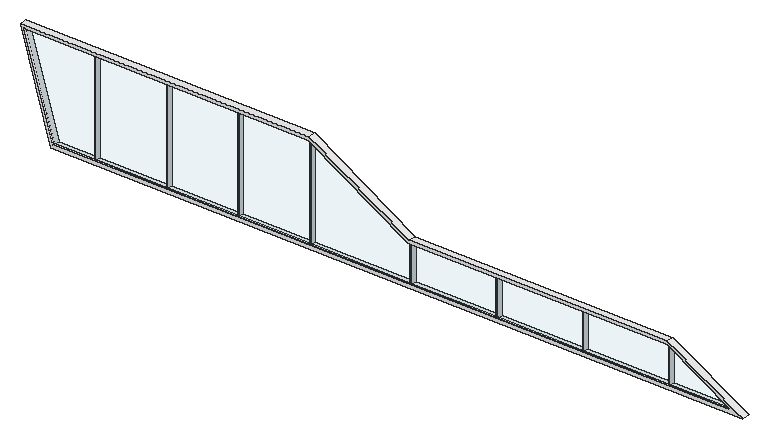
Revit family
Parameters (values of type "표준")
  Height = 2100 mm
  유리 = 유리
  프레임 = 1층 정면창 프레임
  하단 높이 = 900 mm
  프레임 폭 = 30 mm
  창프레임 = ""
  창철물 = ""
  창유리/마감 = ""
  창위치/개소 = ""
  창부호 = "1/ACW"
  창번호 = "1"
  창기호 = "ACW"
  Assembly Code = ""
  Wall Closure = (empty or 0)
Reference planes
  plane 1: y = 0
  plane 2 "중심(왼쪽/오른쪽)": x = 0
  plane 3 "씰": z = 0
  plane 4 "헤드": z = 2100
  plane 5 "외부": y = 150
  plane 6 "내부": y = -150
  plane 7: z = 0
  plane 8: x = -7298.895
  plane 9: z = 900
  plane 10: y = -115
  plane 11: y = -140
  plane 12: x = 2646.105
  plane 13: x = 2616.105
  plane 14: x = 846.105
  plane 15: x = 816.105
  plane 16: x = -5783.895
  plane 17: x = -5753.895
  plane 18: x = 7806.135
  plane 19: x = -5768.895
  plane 20: y = -170
  plane 21: y = -25
  plane 22: y = -20
  plane 23: x = 4431.105
  plane 24: x = 2631.105
  plane 25: x = 831.105
  plane 26: x = -4268.895
  plane 27: x = 8106.135
  plane 28: z = 2400
  plane 29: z = -300
  plane 30: x = -8623.895
  plane 31: x = 6231.105
  plane 32: x = -1268.895
  plane 33: x = -2768.895
Forms (mm)
  Extrusion 1, solid, material "1층 정면창 프레임" <- "프레임"
    sketch origin (-5000, -150, -200) x (1, 0, 0) y (0, 0, 1)
      loop
        line (-2298.895, 2300) -> (-1668.462, 200) -> (12806.135, 200) -> (11231.105, 1100) -> (5831.105, 1100) -> (3731.105, 2300) -> (-2298.895, 2300)
      loop
        line (-2218.237, 2240) -> (-1623.829, 260) -> (12580.198, 260) -> (11215.172, 1040) -> (5815.171, 1040) -> (3715.171, 2240) -> (-2218.237, 2240)
    from 20 to -130
  Extrusion 2, solid, material "1층 정면창 프레임" <- "프레임"
    sketch origin (0, 0, -200) x (1, 0, 0) y (0, 1, 0)
      loop
        line (-5753.895, -115) -> (-5753.895, -25) -> (-5783.895, -25) -> (-5783.895, -115) -> (-5753.895, -115)
    from 260 to 2240
  Extrusion 3, solid, material "1층 정면창 프레임" <- "프레임"
    sketch origin (2426.395, 0, -200) x (1, 0, 0) y (0, 1, 0)
      loop
        line (-6710.29, -115) -> (-6680.29, -115) -> (-6680.29, -25) -> (-6710.29, -25) -> (-6710.29, -115)
    from 260 to 2240
  Extrusion 4, solid, material "1층 정면창 프레임" <- "프레임"
    sketch origin (3619.332, 0, -200) x (1, 0, 0) y (0, 1, 0)
      loop
        line (-6403.227, -115) -> (-6373.227, -115) -> (-6373.227, -25) -> (-6403.227, -25) -> (-6403.227, -115)
    from 260 to 2240
  Extrusion 5, solid, material "1층 정면창 프레임" <- "프레임"
    sketch origin (5130.982, 0, -200) x (1, 0, 0) y (0, 1, 0)
      loop
        line (-6414.876, -115) -> (-6384.876, -115) -> (-6384.876, -25) -> (-6414.876, -25) -> (-6414.876, -115)
    from 260 to 2240
  Extrusion 6, solid, material "1층 정면창 프레임" <- "프레임"
    sketch origin (7426.904, 0, -200) x (1, 0, 0) y (0, 1, 0)
      loop
        line (-6610.799, -115) -> (-6580.799, -115) -> (-6580.799, -25) -> (-6610.799, -25) -> (-6610.799, -115)
    from 260 to 1040
  Extrusion 7, solid, material "1층 정면창 프레임" <- "프레임"
    sketch origin (9365.427, 0, -200) x (1, 0, 0) y (0, 1, 0)
      loop
        line (-6749.322, -115) -> (-6719.322, -115) -> (-6719.322, -25) -> (-6749.322, -25) -> (-6749.322, -115)
    from 260 to 1040
  Extrusion 8, solid, material "1층 정면창 프레임" <- "프레임"
    sketch origin (10903.95, 0, -200) x (1, 0, 0) y (0, 1, 0)
      loop
        line (-6487.845, -115) -> (-6457.845, -115) -> (-6457.845, -25) -> (-6487.845, -25) -> (-6487.845, -115)
    from 260 to 1040
  Extrusion 9, solid, material "1층 정면창 프레임" <- "프레임"
    sketch origin (12782.473, 0, -200) x (1, 0, 0) y (0, 1, 0)
      loop
        line (-6566.368, -115) -> (-6536.368, -115) -> (-6536.368, -25) -> (-6566.368, -25) -> (-6566.368, -115)
    from 260 to 1040
  Extrusion 10, solid, material "유리" <- "유리"
    sketch origin (8670.094, -140, 800) x (1, 0, 0) y (0, 0, 1)
      loop
        line (-15888.331, 1240) -> (-15293.923, -740) -> (-14438.988, -740) -> (-14438.988, 1240) -> (-15888.331, 1240)
      loop
        line (-12938.988, 1240) -> (-12938.988, -740) -> (-11438.988, -740) -> (-11438.988, 1240) -> (-12938.988, 1240)
      loop
        line (-2438.988, -740) -> (-2438.988, 30.895) -> (-2454.922, 40) -> (-2678.122, 40) -> (-4238.988, 40) -> (-4238.988, -740) -> (-2438.988, -740)
      loop
        line (-7838.988, -740) -> (-6038.988, -740) -> (-6038.988, 40) -> (-7838.988, 40) -> (-7838.988, -740)
    from -25 to 0
  Extrusion 11, solid, material "유리" <- "유리"
    sketch origin (8670.094, -140, 800) x (1, 0, 0) y (0, 0, 1)
      loop
        line (-14438.988, 1240) -> (-14438.988, -740) -> (-12938.988, -740) -> (-12938.988, 1240) -> (-14438.988, 1240)
      loop
        line (-1089.896, -740) -> (-2438.988, 30.895) -> (-2438.988, -740) -> (-1089.896, -740)
      loop
        line (-7838.988, 40) -> (-7854.922, 40) -> (-9938.988, 1230.895) -> (-9938.988, -740) -> (-7838.988, -740) -> (-7838.988, 40)
      loop
        line (-6038.988, -740) -> (-4238.988, -740) -> (-4238.988, 40) -> (-6038.988, 40) -> (-6038.988, -740)
    from -25 to 0
  Extrusion 12, solid, material "유리" <- "유리"
    sketch origin (8670.094, -140, 1000) x (1, 0, 0) y (0, 0, 1)
      loop
        line (-11438.988, 1040) -> (-11438.988, -940) -> (-9938.988, -940) -> (-9938.988, 1030.895) -> (-9954.922, 1040) -> (-11438.988, 1040)
    from 0 to -25
Cuts and joins
  joined: Extrusion 1, Extrusion 2, Extrusion 3, Extrusion 4, Extrusion 5, Extrusion 6, Extrusion 7, Extrusion 8, Extrusion 9
Lines and regions (mm)
  Opening 1
    outline origin (3500, -150, -200) x (1, 0, 0) y (0, 0, 1)
      loop
        line (4306.135, 200) -> (2731.105, 1100) -> (-2668.895, 1100) -> (-4768.895, 2300) -> (-10798.895, 2300) -> (-10168.462, 200) -> (4306.135, 200)
  symbolic lines
    curve 1: line (7811.135, 150, 2105) -> (-7303.895, 150, 2105)
    curve 2: line (-7293.895, 150, 2095) -> (-7293.895, 150, 5)
    curve 3: line (-7298.895, 150, 2400) -> (-7298.895, 150, -300)
    curve 4: line (-7303.895, 150, 2105) -> (-7303.895, 150, -5)
    curve 5: line (8106.135, 150, 2100) -> (-8623.895, 150, 2100)
    curve 6: line (7801.135, 150, 2095) -> (-7293.895, 150, 2095)
    curve 7: line (7801.135, 150, 2095) -> (7801.135, 150, 5)
    curve 8: line (7806.135, 150, 2400) -> (7806.135, 150, -300)
    curve 9: line (7811.135, 150, 2105) -> (7811.135, 150, -5)
    curve 10: line (7811.135, 150, -5) -> (-7303.895, 150, -5)
    curve 11: line (8106.135, 150, 0) -> (-8623.895, 150, 0)
    curve 12: line (7801.135, 150, 5) -> (-7293.895, 150, 5)
Text (mm)
  text "외부" at (-1963.203, 1332.353, 0), in view "참조 레벨"
  text "내부" at (-1981.466, -818.386, 0), in view "참조 레벨"
  text "외부" at (0, 923.751, 2943.296), in view "오른쪽"
  text "외부" at (0, 1040.484, 2685.409), in view "왼쪽"
Dimensions and locks
  "Height": plane 3 "씰" to plane 4 "헤드"
  plane 3 "씰" to level = 0 mm
  locked: plane 5 "외부" to host wall at 0
  locked: plane 6 "내부" to host wall
  "하단 높이": plane 7 to plane 9
  "프레임 폭": plane 13 to plane 12
  "프레임 폭": plane 15 to plane 14
  locked: plane 20 to plane 6 "내부" at 20
  locked: plane 6 "내부" to plane 11 at 10
  locked: plane 11 to plane 10 at 25
  locked: plane 10 to plane 21 at 90
  locked: plane 22 to plane 20 at 150
  curve 6 to curve 5 to curve 1 = 5 mm locked, 5 mm locked
  curve 2 to curve 3 to curve 4 = 5 mm locked, 5 mm locked
  curve 7 to curve 8 to curve 9 = 5 mm locked, 5 mm locked
  curve 12 to curve 11 to curve 10 = 5 mm locked, 5 mm locked
  cut or joined group 1 (Extrusion 1, Extrusion 2, Extrusion 3, Extrusion 4, Extrusion 5, Extrusion 6, Extrusion 7, Extrusion 8, Extrusion 9) to plane 31 to cut or joined group 1 = 15 mm, 15 mm
  curve 8 to plane 31 = 1575.03 mm
  locked: cut or joined group 1 to cut or joined group 1 at 60  (x2)
  plane 31 to plane 23 = 1800 mm
  plane 24 to plane 23 = 1800 mm
  plane 25 to plane 24 = 1800 mm
  plane 32 to plane 25 = 2100 mm
  locked: plane 19 to plane 26 at 1500
  curve 8 to plane 8 = 15105.03 mm
  plane 19 to plane 8 = 1530 mm
  curve 8 to host wall = 14474.598 mm
  plane 18 to plane 8 = 15105.03 mm
  plane 26 to plane 33 = 1500 mm
  plane 32 to plane 33 = 1500 mm
  locked: plane 19 to plane 17 at 15
  locked: plane 19 to plane 16 at 15
  angle cut or joined group 1 to plane 8 = 16.7101°
  aligned and locked: Opening 1 sketch curve to plane 4 "헤드"
  aligned and locked: plane 7 to Extrusion 1 sketch curve
  aligned and locked: plane 9 to Extrusion 1 sketch curve
  aligned and locked: plane 4 "헤드" to Extrusion 1 sketch curve
  aligned and locked: plane 8 to Extrusion 1 sketch curve
  aligned and locked: plane 18 to Extrusion 1 sketch curve
  aligned and locked: plane 17 to Extrusion 2 sketch curve
  aligned and locked: Extrusion 2 sketch curve to plane 16
  aligned and locked: Extrusion 2 to Extrusion 1
  aligned and locked: Extrusion 8 to Extrusion 1
  aligned and locked: Extrusion 7 to Extrusion 1
  aligned and locked: Extrusion 4 to Extrusion 1
  aligned and locked: Extrusion 1 to plane 20
  aligned and locked: plane 10 to Extrusion 2 sketch curve
  aligned and locked: Extrusion 2 sketch curve to plane 21
  aligned and locked: Extrusion 3 to plane 21
  aligned and locked: plane 10 to Extrusion 3
  aligned and locked: Extrusion 4 to plane 21
  aligned and locked: plane 10 to Extrusion 4
  aligned and locked: Extrusion 5 to plane 21
  aligned and locked: plane 10 to Extrusion 5
  aligned and locked: Extrusion 6 to plane 21
  aligned and locked: plane 10 to Extrusion 6
  aligned and locked: Extrusion 7 to plane 21
  aligned and locked: plane 10 to Extrusion 7
  aligned and locked: Extrusion 8 to plane 21
  aligned and locked: plane 10 to Extrusion 8
  aligned and locked: Extrusion 9 to plane 21
  aligned and locked: plane 10 to Extrusion 9
  aligned and locked: Extrusion 1 to plane 22
  aligned and locked: plane 33 to Extrusion 10
  aligned and locked: Extrusion 12 sketch curve to Extrusion 11
  aligned and locked: Extrusion 12 to plane 10
  aligned and locked: curve 3 to plane 8
  aligned and locked: Extrusion 1 to Extrusion 9
  aligned and locked: Extrusion 6 to Extrusion 1
  aligned and locked: cut or joined group 1 to cut or joined group 1  (x2)
Automatic sketch dimensions
  Opening 1 sketch curve to plane 8 = 0 mm
  Opening 1 sketch curve to level = 0 mm
  Opening 1 sketch curve to plane 32 = 0 mm
  Opening 1 sketch curve to plane 9 = 0 mm
  Opening 1 sketch curve to plane 25 = 0 mm
  Opening 1 sketch curve to plane 31 = 0 mm
  Opening 1 sketch curve to plane 18 = 0 mm
  Opening 1 sketch curve to plane 8 = 630.433 mm
  Extrusion 1 sketch curve to plane 32 = 0 mm
  Extrusion 1 sketch curve to plane 25 = 0 mm
  Extrusion 1 sketch curve to plane 31 = 0 mm
  Extrusion 1 sketch curve to plane 8 = 80.658 mm
  Extrusion 1 sketch curve to plane 8 = 630.433 mm
  level to Extrusion 1 sketch curve = 60 mm
  Extrusion 1 sketch curve to Extrusion 1 sketch curve = 44.633 mm
  Extrusion 1 sketch curve to plane 32 = 15.934 mm
  plane 15 to Extrusion 1 sketch curve = 0.934 mm
  Extrusion 1 sketch curve to plane 31 = 15.934 mm
  Extrusion 1 sketch curve to plane 18 = 225.938 mm
  plane 9 to Extrusion 1 sketch curve = 60 mm
  plane 4 "헤드" to Extrusion 1 sketch curve = 60 mm
  Extrusion 3 sketch curve to plane 21 = 0 mm
  Extrusion 3 sketch curve to plane 10 = 0 mm
  plane 26 to Extrusion 3 sketch curve = 15 mm
  Extrusion 3 sketch curve to plane 26 = 15 mm
  Extrusion 4 sketch curve to plane 21 = 0 mm
  Extrusion 4 sketch curve to plane 10 = 0 mm
  Extrusion 4 sketch curve to plane 33 = 15 mm
  plane 33 to Extrusion 4 sketch curve = 15 mm
  Extrusion 5 sketch curve to plane 21 = 0 mm
  Extrusion 5 sketch curve to plane 10 = 0 mm
  Extrusion 5 sketch curve to plane 32 = 15 mm
  plane 32 to Extrusion 5 sketch curve = 15 mm
  Extrusion 6 sketch curve to plane 15 = 0 mm
  Extrusion 6 sketch curve to plane 14 = 0 mm
  Extrusion 6 sketch curve to plane 10 = 0 mm
  Extrusion 6 sketch curve to plane 21 = 0 mm
  Extrusion 7 sketch curve to plane 13 = 0 mm
  Extrusion 7 sketch curve to plane 12 = 0 mm
  Extrusion 7 sketch curve to plane 10 = 0 mm
  Extrusion 7 sketch curve to plane 21 = 0 mm
  Extrusion 8 sketch curve to plane 21 = 0 mm
  Extrusion 8 sketch curve to plane 10 = 0 mm
  plane 23 to Extrusion 8 sketch curve = 15 mm
  Extrusion 8 sketch curve to plane 23 = 15 mm
  Extrusion 9 sketch curve to plane 21 = 0 mm
  Extrusion 9 sketch curve to plane 10 = 0 mm
  Extrusion 9 sketch curve to plane 31 = 15 mm
  plane 31 to Extrusion 9 sketch curve = 15 mm
  Extrusion 10 sketch curve to plane 19 = 0 mm
  Extrusion 10 sketch curve to plane 26 = 0 mm
  Extrusion 10 sketch curve to plane 33 = 0 mm
  Extrusion 10 sketch curve to plane 25 = 0 mm
  Extrusion 10 sketch curve to plane 24 = 0 mm
  Extrusion 10 sketch curve to plane 23 = 0 mm
  Extrusion 10 sketch curve to plane 31 = 0 mm
  level to Extrusion 10 sketch curve = 60 mm  (x4)
  Extrusion 10 sketch curve to plane 8 = 675.066 mm
  Extrusion 10 sketch curve to plane 8 = 80.658 mm
  plane 9 to Extrusion 10 sketch curve = 60 mm  (x2)
  Extrusion 10 sketch curve to plane 31 = 239.134 mm
  Extrusion 10 sketch curve to plane 31 = 15.934 mm
  Extrusion 10 sketch curve to Extrusion 10 sketch curve = 9.105 mm
  plane 4 "헤드" to Extrusion 10 sketch curve = 60 mm  (x2)
  Extrusion 11 sketch curve to plane 19 = 0 mm
  Extrusion 11 sketch curve to plane 26 = 0 mm
  Extrusion 11 sketch curve to plane 32 = 0 mm
  Extrusion 11 sketch curve to plane 25 = 0 mm
  Extrusion 11 sketch curve to plane 24 = 0 mm
  Extrusion 11 sketch curve to plane 23 = 0 mm
  Extrusion 11 sketch curve to plane 31 = 0 mm
  plane 15 to Extrusion 11 sketch curve = 0.934 mm
  level to Extrusion 11 sketch curve = 60 mm  (x4)
  Extrusion 11 sketch curve to plane 18 = 225.938 mm
  plane 9 to Extrusion 11 sketch curve = 69.105 mm
  plane 9 to Extrusion 11 sketch curve = 60 mm  (x2)
  plane 4 "헤드" to Extrusion 11 sketch curve = 69.105 mm
  plane 4 "헤드" to Extrusion 11 sketch curve = 60 mm
  curve 5 to plane 4 "헤드" = 0 mm
  curve 5 to plane 30 = 0 mm
  curve 11 to level = 0 mm
  curve 11 to plane 30 = 0 mm
  curve 5 to plane 27 = 0 mm
  curve 11 to plane 27 = 0 mm
  curve 3 to plane 29 = 0 mm
  curve 8 to plane 29 = 0 mm
  curve 3 to plane 28 = 0 mm
  curve 8 to plane 28 = 0 mm
  Extrusion 12 sketch curve to plane 33 = 0 mm
  Extrusion 12 sketch curve to plane 32 = 15.934 mm
  level to Extrusion 12 sketch curve = 60 mm
  plane 4 "헤드" to Extrusion 12 sketch curve = 69.105 mm
  Extrusion 12 sketch curve to Extrusion 12 sketch curve = 9.105 mm
